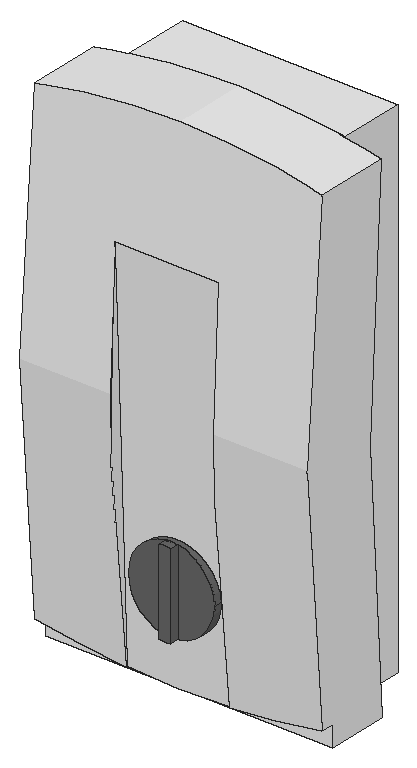
Revit family "Plumbing Fixture_Water Heater_Stiebel Eltron_DHCE", category Plumbing Fixtures, Revit 2015
Parameters (values of type "8/60")
  Waste Connection = no
  Vent Connection = no
  URL = "http://www.stiebel.com.au/"
  Type Comments = "Instantaneous Water Heater"  # constant formula
  Model = "DHCE 8/60"
  Manufacturer_URL__Product Specific = "http://www.stiebel.com.au/water-heating/dhce-60-instant-single-phase-water-heater"
  Manufacturer_Spec Code = Model  # "DHCE 8/60"
  Manufacturer_Overall Width = 200 mm  # constant formula
  Manufacturer_Overall Height = 360 mm  # constant formula
  Manufacturer_Overall Depth = 110 mm  # constant formula
  Manufacturer_Height From FFL [instance] = 900 mm
  Manufacturer = "Stiebel Eltron"  # constant formula
  HW Connection = yes
  Description = "Instantaneous Single Phase Electric Water Heater - Up to 60°Celsius"
  CreatedBy_ANZRS = "IGS - BIM Solutions"  # constant formula
  CreatedByURL_ANZRS = "http://www.igsgroup.com.au/"
  CW Connection = yes
  ApparentLoad_ANZRS = 9600 VA
Types (3, lengths in mm): name | Model | Manufacturer_URL__Product Specific | Manufacturer_Spec Code | Description | ApparentLoad_ANZRS
  8/50 | "DHCE 8/50" | "http://www.stiebel.com.au/water-heating/dhce-50-instant-single-phase-water-heater" | "DHCE 8/50" | "Instantaneous Single Phase Electric Water Heater - Up to 50°Celsius" | 9600 VA
  8/60 | "DHCE 8/60" | "http://www.stiebel.com.au/water-heating/dhce-60-instant-single-phase-water-heater" | "DHCE 8/60" | "Instantaneous Single Phase Electric Water Heater - Up to 60°Celsius" | 9600 VA
  6/50 | "DHCE 6/50" | "http://www.stiebel.com.au/water-heating/dhce-50-instant-single-phase-water-heater" | "DHCE 6/50" | "Instantaneous Single Phase Electric Water Heater - Up to 50°Celsius" | 7200 VA
Reference planes
  plane 1 "Center (Front/Back)": y = 0
  plane 2: z = 0
  plane 3 "Center (Left/Right)": x = 0
  plane 4 "Right": x = 100
  plane 5 "Left": x = -100
  plane 6 "Bottom": z = 900
  plane 7 "Back": y = 55
  plane 8 "Front": y = -55
  plane 9 "Top": z = 1260
Forms (mm)
  Extrusion 1, solid, material "z_Stiebel Eltron_Black"
    sketch origin (0, 0, 891.832) x (1, 0, 0) y (0, 0, 1)
      loop
        circle (0, 79) r 30
    from 41.009 to 48.33
  Extrusion 2, solid, material "z_Stiebel Eltron_Black"
    sketch origin (0, 0, 891.832) x (1, 0, 0) y (0, 0, 1)
      loop
        line (-4.119, 108.45) -> (-4.119, 49.469)
        arc (-4.119, 49.469) -> (0, 49) -> (4.119, 49.469) r 18.33
        line (4.119, 49.469) -> (4.119, 108.45)
        arc (4.119, 108.45) -> (0, 109) -> (-4.119, 108.45) r 15.69
    from 48.33 to 54.268
  Extrusion 3, solid
    sketch origin (-50.418, 0, 2493.962) x (1, 0, 0) y (0, 0, 1)
      loop
        circle (50.418, -1333.962) r 3
    from -55 to -59.957
  Extrusion 4, solid
    sketch origin (3.015, -10, 890.517) x (1, 0, 0) y (0, 0, 1)
      loop
        circle (-53.015, 68.483) r 6.35
      loop
        circle (46.985, 68.483) r 6.35
    from -69.957 to -65
  Extrusion 5, solid, material "z_Stiebel Eltron_White"
    sketch origin (-112.5, 340, 2900) x (0, 1, 0) y (0, 0, 1)
      loop
        line (-379.983, -2000) -> (-330.031, -2000)
        arc (-330.031, -2000) -> (-340.005, -1820) -> (-330.031, -1640) r 1629.234
        line (-330.031, -1640) -> (-380.637, -1640)
        arc (-380.637, -1640) -> (-395.313, -1820.027) -> (-379.983, -2000) r 1087.318
    from 12.5 to 212.5
  Sweep 6, void
    path origin (-112.5, 340, 2900) x (0, 1, 0) y (0, 0, 1)
      loop
        line (-372.82, -1640) -> (-395, -1640)
    profile origin (-112.5, -43.91, 1260) x (0, 0, -1) y (1, 0, 0)
      loop
        line (394.779, 212.5) -> (345, 212.5)
        arc (345, 212.5) -> (355, 112.5) -> (345, 12.5) r 505
        line (345, 12.5) -> (394.779, 12.5) -> (394.779, 212.5)
  Extrusion 7, solid, material "z_Stiebel Eltron_White"
    sketch origin (-112.5, 340, 2900) x (0, 1, 0) y (0, 0, 1)
      loop
        line (-330.031, -2000) -> (-285, -2000) -> (-285, -1645.001) -> (-330.579, -1645.001)
        arc (-330.579, -1645.001) -> (-340.003, -1822.516) -> (-330.031, -2000) r 1629.234
    from 37.5 to 187.5
  Extrusion 8, void
    sketch origin (-112.5, 340, 2900) x (0, 1, 0) y (0, 0, 1)
      loop
        line (-395, -1640) -> (-425.151, -1640) -> (-425.151, -2000) -> (-379.983, -2000)
        arc (-379.983, -2000) -> (-387.087, -1819.983) -> (-395, -1640) r 40025.081
    from 75.078 to 147.5
  Extrusion 9, solid
    sketch origin (0, 0, 1260) x (-1, 0, 0) y (0, -1, 0)
      loop
        circle (-50, -20) r 6.35
      loop
        circle (50, -20) r 6.35
    from -364.975 to -360
  Sweep 10, void
    path origin (-112.5, 340, 2900) x (0, 1, 0) y (0, 0, 1)
      loop
        line (-285, -1640) -> (-395, -1640)
    profile origin (-112.5, 0, 1260) x (0, 0, -1) y (1, 0, 0)
      loop
        line (-39.779, 212.5) -> (-39.779, 12.5) -> (10, 12.5)
        arc (10, 12.5) -> (0, 112.5) -> (10, 212.5) r 505
        line (10, 212.5) -> (-39.779, 212.5)
Cuts and joins
  Sweep 6, Extrusion 8, Sweep 10 cuts Extrusion 5
  joined: Extrusion 5, Extrusion 7
Lines and regions (mm)
  Masking region 1
    outline origin (0, 0, 0) x (1, 0, 0) y (0, 1, 0)
      loop
        line (100, -55) -> (100, 13.916)
        arc (100, 13.916) -> (87.5, 14.17) -> (75, 14.39) r 4614.163
        line (75, 14.39) -> (75, 55) -> (-75, 55) -> (-75, 14.39)
        arc (-75, 14.39) -> (-87.5, 14.17) -> (-100, 13.916) r 4614.163
        line (-100, 13.916) -> (-100, -55) -> (-37.422, -55) -> (-37.422, -51.217) -> (-30, -51.217) -> (-30, -52.5) -> (-4.119, -52.5) -> (-4.119, -58.5) -> (4.119, -58.5) -> (4.119, -52.5) -> (30, -52.5) -> (30, -51.217) -> (35, -51.217) -> (35, -55) -> (100, -55)
  Masking region 2
    outline origin (-1065, 0, 900) x (0, 0, -1) y (1, 0, 0)
      loop
        line (-350, 965) -> (-15, 965)
        arc (-15, 965) -> (-12.643, 977.472) -> (-10.6, 990) r 505
        line (-10.6, 990) -> (0, 990) -> (0, 1140) -> (-10.6, 1140)
        arc (-10.6, 1140) -> (-12.643, 1152.528) -> (-15, 1165) r 505
        line (-15, 1165) -> (-350, 1165)
        arc (-350, 1165) -> (-360, 1065) -> (-350, 965) r 505
  Masking region 3
    outline origin (-112.5, 340, 2900) x (0, 1, 0) y (0, 0, 1)
      loop
        line (-330.008, -1640) -> (-380.637, -1640)
        arc (-380.637, -1640) -> (-394.218, -1769.236) -> (-392.285, -1899.168) r 1087.318
        line (-392.285, -1899.168) -> (-397.599, -1899.168) -> (-397.599, -1959.168) -> (-386.118, -1959.168)
        arc (-386.118, -1959.168) -> (-383.759, -1976.151) -> (-381.133, -1993.095) r 1087.318
        arc (-381.133, -1993.095) -> (-380.362, -1994.459) -> (-378.891, -1995) r 2.271
        line (-378.891, -1995) -> (-372.82, -1995) -> (-372.82, -2000) -> (-285, -2000) -> (-285, -1645.001) -> (-330.579, -1645.001) -> (-330.008, -1640)
  symbolic lines, style "Water Storage", detail levels medium+fine
    curve 1: circle (0, 0, 970.832) r 30 normal (0, -1, 0)
    curve 5: arc (-75, 14.39, 0) -> (0, 15, 0) -> (75, 14.39, 0) r 4614.163
    curve 6: arc (-100, -42.249, 0) -> (0, -40.637, 0) -> (100, -42.249, 0) r 3102.209
    curve 12: arc (-75, 0, 910.6) -> (0, 0, 905) -> (75, 0, 910.6) r 505
    curve 15: arc (-112.5, -52.285, 1000.832) -> (-112.5, -49.689, 970.782) -> (-112.5, -46.118, 940.832) r 928.923
    curve 17: arc (-112.5, 9.479, 1255.537) -> (-112.5, -0.003, 1077.755) -> (-112.5, 9.969, 900) r 1629.234
  symbolic lines, style "Water Storage", detail levels fine
    curve 2: line (-4.119, 0, 1000.547) -> (-4.119, 0, 941.116)
    curve 3: line (4.119, 0, 1000.547) -> (4.119, 0, 941.116)
    curve 7: line (-4.119, -52.5, 0) -> (4.119, -52.5, 0)
    curve 8: line (30, -51.217, 0) -> (-30, -51.217, 0)
    curve 16: line (-112.5, -53.169, 1000.832) -> (-112.5, -53.169, 940.832)
  symbolic lines, detail levels coarse
    curve 4: arc (-0.5, 0, 1052.509) -> (0, 0, 1052.519) -> (0.5, 0, 1052.508) r 12.101
  symbolic lines, style "Water Storage"
    curve 9: line (-37.422, 0, 1176.252) -> (-37.422, 0, 906.388)
    curve 10: line (-37.422, 0, 1176.252) -> (35, 0, 1176.252)
    curve 11: line (35, 0, 906.214) -> (35, 0, 1176.252)
  symbolic lines, style "Water Storage", detail levels coarse
    curve 13: line (-37.422, 0, 906.388) -> (-37.422, 0, 900)
    curve 14: line (35, 0, 906.214) -> (35, 0, 900)
Text (mm)
  text "\n\n\n\nDisclaimer:\n\nDue to ongoing product development and manufacturing evolution, product details are subject to change without notice.\n\nPlease refer to product technical data sheets on www.stiebel.com.au for the most current product information.\n\nPlease allow a +/- 5mm tolerance for dimensions and set-outs shown in product literature.\n\n© Stiebel Eltron 2016" at (207.736, 201.318, 0), in view "Ref. Level_Instruction"
Dimensions and locks
  "Manufacturer_Height From FFL": plane 6 "Bottom" to plane 2
  equal spacing: plane 8 "Front", plane 1 "Center (Front/Back)", plane 7 "Back"
  "Manufacturer_Overall Depth": plane 7 "Back" to plane 8 "Front"
  equal spacing: plane 5 "Left", plane 3 "Center (Left/Right)", plane 4 "Right"
  "Manufacturer_Overall Width": plane 5 "Left" to plane 4 "Right"
  "Manufacturer_Overall Height": plane 9 "Top" to plane 6 "Bottom"
  aligned and locked: level to plane 2
  aligned and locked: Extrusion 2 to Extrusion 1
  aligned and locked: Extrusion 8 sketch curve to plane 9 "Top"
  aligned and locked: plane 6 "Bottom" to Extrusion 8 sketch curve
Automatic sketch dimensions
  plane 6 "Bottom" to Extrusion 1 sketch curve = 70.832 mm
  plane 4 "Right" to Extrusion 1 sketch curve = 100 mm
  Extrusion 3 sketch curve to plane 3 "Center (Left/Right)" = 0 mm
  Extrusion 2 sketch curve to plane 3 "Center (Left/Right)" = 4.119 mm
  Extrusion 2 sketch curve to plane 3 "Center (Left/Right)" = 0 mm  (x2)
  Extrusion 2 sketch curve to Extrusion 2 sketch curve = 25.98 mm
  Extrusion 2 sketch curve to Extrusion 2 sketch curve = 15.139 mm
  plane 3 "Center (Left/Right)" to Extrusion 2 sketch curve = 4.119 mm
  Extrusion 2 sketch curve to Extrusion 2 sketch curve = 17.861 mm
  plane 6 "Bottom" to Extrusion 2 sketch curve = 41.301 mm
  Extrusion 4 sketch curve to plane 3 "Center (Left/Right)" = 50 mm
  plane 3 "Center (Left/Right)" to Extrusion 4 sketch curve = 50 mm
  Extrusion 3 sketch curve to plane 9 "Top" = 100 mm
  profile plane to Sweep 6 sketch curve = 150 mm
  profile plane to Sweep 6 sketch curve = 12.5 mm
  Sweep 6 sketch curve to Sweep 6 sketch curve = 0 mm
  Sweep 6 sketch curve to Sweep 6 sketch curve = 49.779 mm
  profile plane to Sweep 6 sketch curve = 112.5 mm
  plane 8 "Front" to Extrusion 5 sketch curve = 15.017 mm
  plane 1 "Center (Front/Back)" to Extrusion 5 sketch curve = 40.637 mm
  Extrusion 5 sketch curve to plane 9 "Top" = 178.054 mm
  Extrusion 5 sketch curve to plane 1 "Center (Front/Back)" = 9.969 mm  (x2)
  plane 8 "Front" to Extrusion 7 sketch curve = 64.969 mm
  Extrusion 7 sketch curve to plane 7 "Back" = 0 mm
  Extrusion 7 sketch curve to plane 1 "Center (Front/Back)" = 9.421 mm
  plane 6 "Bottom" to Extrusion 4 sketch curve = 59 mm  (x2)
  Masking region 1 sketch curve to plane 8 "Front" = 0 mm  (x2)
  Masking region 1 sketch curve to plane 4 "Right" = 0 mm
  plane 8 "Front" to Masking region 1 sketch curve = 3.783 mm
  Masking region 1 sketch curve to plane 3 "Center (Left/Right)" = 37.422 mm
  Masking region 1 sketch curve to Masking region 1 sketch curve = 7.422 mm
  Masking region 1 sketch curve to plane 3 "Center (Left/Right)" = 4.119 mm
  plane 3 "Center (Left/Right)" to Masking region 1 sketch curve = 4.119 mm
  plane 8 "Front" to Masking region 1 sketch curve = 2.5 mm  (x2)
  Masking region 1 sketch curve to Masking region 1 sketch curve = 25.881 mm
  Masking region 1 sketch curve to Masking region 1 sketch curve = 5 mm
  Masking region 1 sketch curve to plane 8 "Front" = 3.5 mm
  Masking region 1 sketch curve to Masking region 1 sketch curve = 1.283 mm
  Masking region 1 sketch curve to plane 5 "Left" = 0 mm
  Masking region 1 sketch curve to plane 1 "Center (Front/Back)" = 14.39 mm  (x2)
  Masking region 1 sketch curve to plane 3 "Center (Left/Right)" = 0 mm
  plane 5 "Left" to Masking region 1 sketch curve = 25 mm
  Masking region 1 sketch curve to Masking region 1 sketch curve = 0 mm  (x2)
  plane 4 "Right" to Masking region 1 sketch curve = 25 mm
  Masking region 1 sketch curve to plane 1 "Center (Front/Back)" = 13.916 mm
  Masking region 1 sketch curve to plane 7 "Back" = 0 mm
  curve 6 to plane 3 "Center (Left/Right)" = 0 mm
  curve 5 to plane 3 "Center (Left/Right)" = 0 mm
  curve 5 to plane 8 "Front" = 4544.163 mm
  curve 5 to curve 6 = 1456.317 mm
  curve 7 to plane 3 "Center (Left/Right)" = 4.119 mm
  plane 8 "Front" to curve 8 = 3.783 mm
  curve 8 to curve 7 = 25.881 mm
  plane 5 "Left" to curve 5 = 25 mm
  curve 6 to plane 5 "Left" = 0 mm
  plane 3 "Center (Left/Right)" to curve 7 = 4.119 mm
  curve 7 to curve 8 = 25.881 mm
  plane 4 "Right" to curve 5 = 25 mm
  curve 6 to plane 4 "Right" = 0 mm
  plane 8 "Front" to curve 7 = 2.5 mm
  plane 8 "Front" to curve 6 = 12.751 mm
  curve 5 to plane 1 "Center (Front/Back)" = 14.39 mm
  Extrusion 8 sketch curve to plane 8 "Front" = 0 mm
  Extrusion 8 sketch curve to Extrusion 8 sketch curve = 30.151 mm
  Extrusion 8 sketch curve to level = 588.088 mm
  Extrusion 8 sketch curve to Extrusion 8 sketch curve = 39952.241 mm
  plane 4 "Right" to Masking region 2 sketch curve = 0 mm
  Masking region 2 sketch curve to plane 5 "Left" = 0 mm
  Masking region 2 sketch curve to plane 3 "Center (Left/Right)" = 0 mm  (x2)
  Masking region 2 sketch curve to plane 9 "Top" = 10 mm
  Masking region 2 sketch curve to plane 6 "Bottom" = 145 mm
  plane 6 "Bottom" to Masking region 2 sketch curve = 15 mm  (x2)
  Masking region 2 sketch curve to plane 6 "Bottom" = 0 mm
  plane 5 "Left" to Masking region 2 sketch curve = 25 mm
  Masking region 2 sketch curve to Masking region 2 sketch curve = 0 mm  (x2)
  plane 6 "Bottom" to Masking region 2 sketch curve = 10.6 mm  (x2)
  curve 12 to plane 3 "Center (Left/Right)" = 0 mm
  curve 1 to plane 3 "Center (Left/Right)" = 0 mm
  curve 14 to plane 6 "Bottom" = 0 mm
  curve 13 to plane 6 "Bottom" = 0 mm
  plane 6 "Bottom" to curve 1 = 70.832 mm
  curve 4 to plane 3 "Center (Left/Right)" = 0.009 mm
  curve 4 to curve 1 = 69.586 mm
  plane 3 "Center (Left/Right)" to curve 11 = 35 mm
  curve 11 to plane 9 "Top" = 83.748 mm
  plane 9 "Top" to curve 12 = 150 mm
  curve 10 to plane 3 "Center (Left/Right)" = 37.422 mm
  plane 6 "Bottom" to curve 11 = 6.214 mm
  curve 14 to curve 11 = 0 mm
  curve 13 to curve 9 = 0 mm
  plane 6 "Bottom" to curve 12 = 10.6 mm  (x2)
  curve 2 to plane 3 "Center (Left/Right)" = 4.119 mm
  curve 1 to curve 2 = 29.716 mm
  plane 3 "Center (Left/Right)" to curve 3 = 4.119 mm
  plane 3 "Center (Left/Right)" to curve 4 = 0.5 mm
  curve 4 to curve 4 = 12.091 mm
  curve 4 to plane 3 "Center (Left/Right)" = 0.5 mm
  plane 6 "Bottom" to curve 15 = 165.746 mm
  plane 7 "Back" to curve 15 = 819.368 mm
  plane 6 "Bottom" to curve 17 = 180 mm
  curve 15 to curve 17 = 754.862 mm
  plane 6 "Bottom" to curve 17 = 0 mm
  curve 17 to plane 1 "Center (Front/Back)" = 9.969 mm
  curve 17 to plane 9 "Top" = 4.463 mm
  plane 8 "Front" to curve 15 = 8.882 mm
  plane 8 "Front" to curve 15 = 2.715 mm
  plane 8 "Front" to curve 16 = 1.831 mm
  plane 6 "Bottom" to curve 15 = 100.832 mm
  curve 16 to curve 15 = 0 mm  (x2)
  Extrusion 9 sketch curve to plane 1 "Center (Front/Back)" = 20 mm  (x2)
  plane 3 "Center (Left/Right)" to Extrusion 9 sketch curve = 50 mm
  Extrusion 9 sketch curve to plane 3 "Center (Left/Right)" = 50 mm
  plane 9 "Top" to Extrusion 5 sketch curve = 0 mm
  Extrusion 5 sketch curve to plane 6 "Bottom" = 0 mm
  Extrusion 5 sketch curve to Extrusion 5 sketch curve = 597.226 mm
  Extrusion 7 sketch curve to plane 9 "Top" = 5.001 mm
  plane 6 "Bottom" to Extrusion 7 sketch curve = 180 mm
  plane 6 "Bottom" to Extrusion 7 sketch curve = 0 mm
  Masking region 3 sketch curve to Masking region 3 sketch curve = 0 mm  (x2)
  Masking region 3 sketch curve to plane 9 "Top" = 0 mm
  Masking region 3 sketch curve to plane 6 "Bottom" = 0 mm
  Masking region 3 sketch curve to plane 7 "Back" = 0 mm
  Masking region 3 sketch curve to plane 1 "Center (Front/Back)" = 9.992 mm
  Masking region 3 sketch curve to Masking region 3 sketch curve = 0.571 mm
  plane 6 "Bottom" to Masking region 3 sketch curve = 5 mm
  plane 8 "Front" to Masking region 3 sketch curve = 22.18 mm
  Masking region 3 sketch curve to Masking region 3 sketch curve = 6.071 mm
  plane 8 "Front" to Masking region 3 sketch curve = 14.363 mm
  plane 8 "Front" to Masking region 3 sketch curve = 8.882 mm
  plane 8 "Front" to Masking region 3 sketch curve = 2.715 mm
  Masking region 3 sketch curve to plane 8 "Front" = 2.599 mm
  Masking region 3 sketch curve to plane 9 "Top" = 178.054 mm
  plane 7 "Back" to Masking region 3 sketch curve = 977.004 mm
  Masking region 3 sketch curve to Masking region 3 sketch curve = 2.271 mm
  Masking region 3 sketch curve to Masking region 3 sketch curve = 33.926 mm
  Masking region 3 sketch curve to plane 9 "Top" = 5.001 mm
  Sweep 6 sketch curve to plane 8 "Front" = 0 mm
  Sweep 6 sketch curve to plane 9 "Top" = 0 mm
  plane 8 "Front" to Sweep 6 sketch curve = 22.18 mm
  profile plane to Sweep 10 sketch curve = 12.5 mm
  profile plane to Sweep 10 sketch curve = 39.779 mm
  Sweep 10 sketch curve to profile plane = 10 mm  (x2)
  profile plane to Sweep 10 sketch curve = 112.5 mm
  Sweep 10 sketch curve to plane 8 "Front" = 0 mm
  Sweep 10 sketch curve to plane 7 "Back" = 0 mm
  Sweep 10 sketch curve to plane 9 "Top" = 0 mm
  Sweep 10 sketch curve to Sweep 10 sketch curve = 495 mm
  Sweep 6 sketch curve to profile plane = 345 mm
  radius of Extrusion 1 sketch curve = 30 mm
  radius of Extrusion 3 sketch curve = 3 mm
  radius of Extrusion 4 sketch curve = 6.35 mm  (x2)
  radius of Extrusion 9 sketch curve = 6.35 mm  (x2)
Connectors
  electrical at (0, 59.957, 1160), driven by "ApparentLoad_ANZRS"
    settings: on Extrusion 3, index 1, voltage 230 V, apparent load 9600 VA, apparent load phase1 0 VA, apparent load phase2 0 VA, apparent load phase3 0 VA, power factor 1, load classification "Power", number of poles 1, system type 30, power factor state 1, is connector primary yes, connector utility no, sub classification motor no, connector description "Electric"
  piping at (50, 59.957, 959), diameter 12.7
    settings: on Extrusion 4, index 2, connector inside diameter 609.6 mm, connector length 0 mm, flow factor 0, pipe flow 0.0 L/s, pressure drop 0.0 Pa, fitting loss kfactor 0, connector angle 0.00°, fixture units 0, engagement length 0 mm, angle of deflection 0.00°, flow configuration 2, flow direction 1, fitting loss method 4, system type 20, joint type 0, gender type 0, connector reference index -1, connector utility 0, adjustable connector no, is connector primary yes, connector description "Cold Water Inlet"
  piping at (-50, 59.957, 959), diameter 12.7
    settings: on Extrusion 4, index 3, connector inside diameter 609.6 mm, connector length 0 mm, flow factor 0, pipe flow 0.0 L/s, pressure drop 0.0 Pa, fitting loss kfactor 0, connector angle 0.00°, fixture units 0, engagement length 0 mm, angle of deflection 0.00°, flow configuration 2, flow direction 2, fitting loss method 4, system type 19, joint type 0, gender type 0, connector reference index -1, connector utility 0, adjustable connector no, is connector primary no, connector description "Hot Water Outlet"
  piping at (-50, 20, 895.025), diameter 12.7
    settings: on Extrusion 9, index 4, connector inside diameter 609.6 mm, connector length 0 mm, flow factor 0, pipe flow 0.0 L/s, pressure drop 0.0 Pa, fitting loss kfactor 0, connector angle 0.00°, fixture units 0, engagement length 0 mm, angle of deflection 0.00°, flow configuration 2, flow direction 2, fitting loss method 4, system type 19, joint type 0, gender type 0, connector reference index -1, connector utility 0, adjustable connector no, is connector primary no, connector description "Hot Water Outlet"
  piping at (50, 20, 895.025), diameter 12.7
    settings: on Extrusion 9, index 5, connector inside diameter 609.6 mm, connector length 0 mm, flow factor 0, pipe flow 0.0 L/s, pressure drop 0.0 Pa, fitting loss kfactor 0, connector angle 0.00°, fixture units 0, engagement length 0 mm, angle of deflection 0.00°, flow configuration 2, flow direction 1, fitting loss method 4, system type 20, joint type 0, gender type 0, connector reference index -1, connector utility 0, adjustable connector no, is connector primary no, connector description "Cold Water Inlet"
